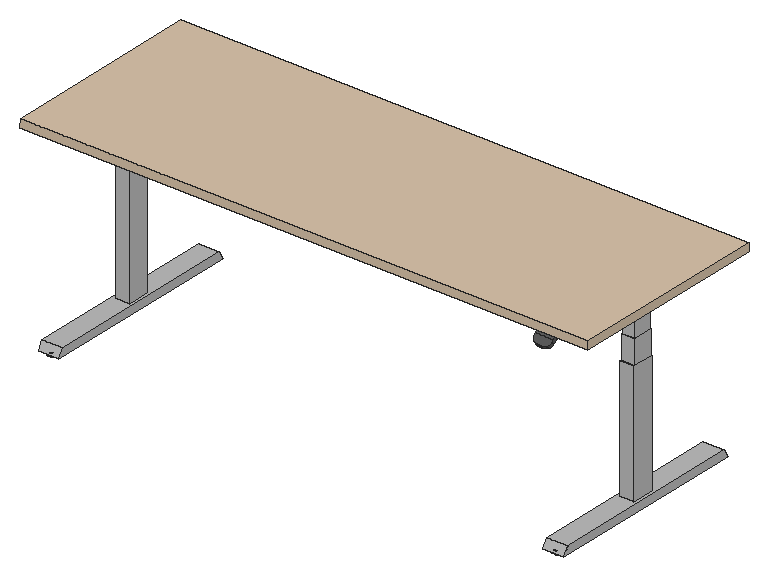
Revit family "Haworth_Upside_HeightAdjustTable_Rectangle_DualStage", category Furniture Systems, Revit 2018
Family settings
  Round Connector Dimension = Use Diameter
  Part Type = Normal
  OmniClass Number = 23.40.70.14.64.21
  OmniClass Title = Systems Furniture
  Work Plane-Based = No
  Always vertical = Yes
  Cut with Voids When Loaded = No
  Shared = No
  Room Calculation Point = No
Parameters (values of type "82w 29d - T-Leg")
  Width = 82"
  Warranty = "http://www.haworth.com/resources/product-info/warranties"
  URL - Product = "http://www.haworth.com/na/en/products/height-adjustable/upside.html"
  Table Finish [instance] = Haworth _ Laminate _ Maple H-AE
  Table Edge Finish [instance] = Haworth _ Laminate _ Maple H-AE
  T-Leg = yes
  Paddle Offset = Leg Height - 27 13/16"  # 0"
  Paddle Finish = Haworth _ Paint _ Black
  Model = "TJRA"  # constant formula
  Min. Height = 22 77/128"  # constant formula
  Max. Height = 48 179/256"  # constant formula
  Leg Offset = 3 1/32"  # constant formula
  Rail Location = if(and([T-Leg], [29in. Depth]), 14 3/8", if(and([T-Leg], [23in. Depth]), 11 5/16", if(and([C-Leg], [29in. Depth]), 20 1/32", 15 13/16")))  # 14 3/8"
  Leg Finish [instance] = Haworth _ Paint _ Metallic Champagne
  Height = 29"
  Front Leg Offset = if([T-Leg], 1/2", 0")  # 1/2"
  Description = "Haworth - Upside HAT Rectangular - Extended Range"  # constant formula
  URL = "http://www.haworth.com"
  Table Thickness = 1 3/16"  # constant formula
  Size = "Verify Final Dim. w/ Haworth"  # constant formula
  Revision Number = "1"  # constant formula
  Min/Max Width = "46-82 in. @ 6 in. increments"  # constant formula
  Standard Depths = "23, 29 in."  # constant formula
  Min. Width = 46"  # constant formula
  Max. Width = 82"  # constant formula
  Min. Depth = 23"  # constant formula
  Max. Depth = 29"  # constant formula
  Manufacturer = "Haworth"  # constant formula
  Leg Height = Actual Height - Table Thickness  # 27 13/16"
  Custom Size = not(or(Width = 46", Width = 52", Width = 58", Width = 64", Width = 70", Width = 76", Width = 82"))  # no
  C-Leg = not([T-Leg])  # no
  Author = "Haworth (Alias)"  # constant formula
  Assembly Code = "E2020200"
  Actual Width = if(Width < Min. Width, Min. Width, if(Width > Max. Width, Max. Width, Width))  # 82"
  Actual Height = if(Height > Max. Height, Max. Height, if(Height < Min. Height, Min. Height, Height))  # 29"
  Actual Depth = if([23in. Depth], 23", 29")  # 29"
  29in. Depth = not([23in. Depth])  # yes
  23in. Depth = no
Types (7): name | Width | T-Leg | Rail Location | Front Leg Offset | C-Leg | Actual Width | Actual Depth | 29in. Depth | 23in. Depth
  82w 29d - T-Leg | 82" | yes | 14 3/8" | 1/2" | no | 82" | 29" | yes | no
  76w 29d - C-Leg | 76" | no | 20 1/32" | 0" | yes | 76" | 29" | yes | no
  70w 29d - T-Leg | 70" | yes | 14 3/8" | 1/2" | no | 70" | 29" | yes | no
  64w 29d - C-Leg | 64" | no | 20 1/32" | 0" | yes | 64" | 29" | yes | no
  58w 23d - T-Leg | 58" | yes | 11 5/16" | 1/2" | no | 58" | 23" | no | yes
  52w 23d - C-Leg | 52" | no | 15 13/16" | 0" | yes | 52" | 23" | no | yes
  46w 23d - T-Leg | 46" | yes | 11 5/16" | 1/2" | no | 46" | 23" | no | yes
Reference planes (in)
  plane 1 "Center F/B": y = 0
  plane 2: z = 0
  plane 3 "Center L/R": x = -1.75
  plane 4 "Table Edge Left": x = -42.75
  plane 5 "Table Edge Right": x = 39.25
  plane 6 "Table Edge Front": y = 14.5
  plane 7 "Table Edge Back": y = -14.5
  plane 8 "Top": z = 29
  plane 9 "Top Bottom": z = 27.8125
  plane 10 "Left Leg": x = -39.71875
  plane 11 "Right Leg": x = 36.21875
  plane 12: y = -0.125
  plane 13 "Front Leg": y = -15
Forms (in)
  Extrusion 1, solid, material "Haworth _ Laminate _ Maple H-AE" <- "Table Finish"
    sketch origin (0, 0, 29) x (-1, 0, 0) y (0, -1, 0)
      loop
        line (42.75, -14.5) -> (42.75, 14.5) -> (-39.25, 14.5) -> (-39.25, -14.5) -> (42.75, -14.5)
    from -1.1875 to 0
  Sweep 2, solid, material "Haworth _ Paint _ Metallic Champagne" <- "Leg Finish"
    path origin (0, 0, 27.8125) x (-1, 0, 0) y (0, -1, 0)
      loop
        line (39.71875, 0.125) -> (-36.21875, 0.125)
    profile origin (-1.75, -0.125, 27.8125) x (0, 1, 0) y (0, 0, 1)
      loop
        line (-2.67708, -0.1375) -> (-2.67708, -1.4623)
        arc (-2.67708, -1.4623) -> (-2.64047, -1.55069) -> (-2.55208, -1.5873) r 0.125
        line (-2.55208, -1.5873) -> (-2.01383, -1.5873)
        arc (-2.01383, -1.5873) -> (-1.92544, -1.55069) -> (-1.88883, -1.4623) r 0.125
        line (-1.88883, -1.4623) -> (-1.88883, -0.1375)
        arc (-1.88883, -0.1375) -> (-1.92544, -0.04911) -> (-2.01383, -0.0125) r 0.125
        line (-2.01383, -0.0125) -> (-2.55208, -0.0125)
        arc (-2.55208, -0.0125) -> (-2.64047, -0.04911) -> (-2.67708, -0.1375) r 0.125
      loop
        arc (2.67708, -0.1375) -> (2.64047, -0.04911) -> (2.55208, -0.0125) r 0.125
        line (2.55208, -0.0125) -> (2.01383, -0.0125)
        arc (2.01383, -0.0125) -> (1.92544, -0.04911) -> (1.88883, -0.1375) r 0.125
        line (1.88883, -0.1375) -> (1.88883, -1.4623)
        arc (1.88883, -1.4623) -> (1.92544, -1.55069) -> (2.01383, -1.5873) r 0.125
        line (2.01383, -1.5873) -> (2.55208, -1.5873)
        arc (2.55208, -1.5873) -> (2.64047, -1.55069) -> (2.67708, -1.4623) r 0.125
        line (2.67708, -1.4623) -> (2.67708, -0.1375)
Lines and regions (in)
  Masking region 1
    outline origin (0, 0, 29) x (-1, 0, 0) y (0, -1, 0)
      loop
        line (42.75, -14.5) -> (42.75, 14.5) -> (-39.25, 14.5) -> (-39.25, -14.5) -> (42.75, -14.5)
Dimensions and locks (in)
  "Actual Width": plane 4 "Table Edge Left" to plane 5 "Table Edge Right"
  equal spacing: plane 4 "Table Edge Left", plane 3 "Center L/R", plane 5 "Table Edge Right"
  "Actual Depth": plane 6 "Table Edge Front" to plane 7 "Table Edge Back"
  equal spacing: plane 6 "Table Edge Front", plane 1 "Center F/B", plane 7 "Table Edge Back"
  "Actual Height": plane 8 "Top" to level
  "Table Thickness": plane 8 "Top" to plane 9 "Top Bottom"
  "Leg Offset": plane 4 "Table Edge Left" to plane 10 "Left Leg"
  "Leg Offset": plane 11 "Right Leg" to plane 5 "Table Edge Right"
  "Rail Location": plane 12 to plane 7 "Table Edge Back"
  "Front Leg Offset": plane 13 "Front Leg" to plane 7 "Table Edge Back"
  locked: nested 1 to plane 11 "Right Leg" at 3
  aligned and locked: Extrusion 1 sketch curve to plane 6 "Table Edge Front"
  aligned and locked: plane 7 "Table Edge Back" to Extrusion 1 sketch curve
  aligned and locked: Extrusion 1 sketch curve to plane 5 "Table Edge Right"
  aligned and locked: Extrusion 1 sketch curve to plane 4 "Table Edge Left"
  aligned and locked: Extrusion 1 to plane 9 "Top Bottom"
  aligned and locked: plane 8 "Top" to Extrusion 1
  aligned and locked: Masking region 1 sketch curve to plane 5 "Table Edge Right"
  aligned and locked: Masking region 1 sketch curve to plane 6 "Table Edge Front"
  aligned and locked: plane 7 "Table Edge Back" to Masking region 1 sketch curve
  aligned and locked: Masking region 1 sketch curve to plane 4 "Table Edge Left"
  aligned and locked: Sweep 2 sketch curve to plane 12
  aligned and locked: plane 11 "Right Leg" to Sweep 2 sketch curve
  aligned and locked: plane 10 "Left Leg" to Sweep 2 sketch curve
  aligned and locked: plane 7 "Table Edge Back" to nested 1
  aligned and locked: nested 3 to plane 2
  aligned and locked: plane 2 to nested 2
  aligned and locked: plane 10 "Left Leg" to nested 2
  aligned and locked: plane 11 "Right Leg" to nested 3
  aligned and locked: plane 13 "Front Leg" to nested 2
  aligned and locked: nested 3 to plane 13 "Front Leg"
Automatic sketch dimensions
  Sweep 2 sketch curve to plane 9 "Top Bottom" = 0.1375"  (x3)
  profile plane to Sweep 2 sketch curve = 2.67708"
  Sweep 2 sketch curve to plane 9 "Top Bottom" = 0.0125"  (x2)
  Sweep 2 sketch curve to Sweep 2 sketch curve = 1/8"  (x3)
  Sweep 2 sketch curve to Sweep 2 sketch curve = 0.53825"  (x4)
  Sweep 2 sketch curve to profile plane = 1.88883"
  Sweep 2 sketch curve to Sweep 2 sketch curve = 1.3248"  (x2)
Nested families (in)
  nested 1: "Haworth_Upside_Paddle_Part" at (33.21875, -15.91544, 0), built-in parameter 1001364 <- "Paddle Offset", type "Paddle"
  nested 2: "Haworth_Upside_ExtendedRange_Leg_Part" at (-38.21875, -0.125, 0), type "Leg"
    with Tube distance 0", Rod Length 7 29/32", Center Leg yes
  nested 3: "Haworth_Upside_ExtendedRange_Leg_Part" at (34.71875, -0.125, 0) x (-1, 0, 0) z (0, 0, 1), type "Leg"
    with Tube distance 0", Rod Length 7 29/32", Center Leg yes
Definition of nested family "Haworth_Upside_Paddle_Part"
  Parameters (values of type "Paddle")
    Warranty = "http://www.haworth.com/resources/product-info/warranties"
    URL - Product = ""
    Type Comments = ""
    Model = "Haworth Upside"  # constant formula
    Description = "Haworth - Upside - Paddle - Part"
    URL = "www.haworth.com"
    Size = "Verify Final Dim. w/ Haworth"  # constant formula
    Revision Number = "1"  # constant formula
    Manufacturer = "Haworth"  # constant formula
    Box Body Finish = none
    Author = "Haworth (Alias)"  # constant formula
    Assembly Code = "E2020200"
    Actual Width = 3"  # constant formula
  Reference planes (in)
    plane 1 "Bottom": z = 0
    plane 2 "Center L/R": x = 0
    plane 3 "Left": x = -1.5
    plane 4 "Right": x = 1.5
    plane 5 "Back": y = 4.07436
    plane 6 "Front": y = 1.41544
    plane 7: y = 2.09891
    plane 8 "Void": through (480, 1.17376, 28.04914) normal (0, 0.7071, -0.7071)
    plane 9: z = 27.8125
  Forms (in)
    Extrusion 1, solid, material <- "Box Body Finish"
      sketch origin (30, 0.35365, 0) x (0, 1, 0) y (0, 0, 1)
        loop
          line (1.25505, 27.37943) -> (3.65821, 27.37943)
          arc (3.65821, 27.37943) -> (3.7024, 27.39774) -> (3.72071, 27.44193) r 0.0625
          line (3.72071, 27.44193) -> (3.72071, 27.75)
          arc (3.72071, 27.75) -> (3.7024, 27.79419) -> (3.65821, 27.8125) r 0.0625
          line (3.65821, 27.8125) -> (1.26975, 27.8125)
          arc (1.26975, 27.8125) -> (1.03057, 27.76492) -> (0.82781, 27.62944) r 0.625
          line (0.82781, 27.62944) -> (-0.04483, 26.7568)
          arc (-0.04483, 26.7568) -> (-0.06314, 26.71261) -> (-0.04483, 26.66842) r 0.0625
          line (-0.04483, 26.66842) -> (0.17305, 26.45054)
          arc (0.17305, 26.45054) -> (0.21724, 26.43223) -> (0.26144, 26.45054) r 0.0625
          line (0.26144, 26.45054) -> (1.14456, 27.33367)
          arc (1.14456, 27.33367) -> (1.19526, 27.36754) -> (1.25505, 27.37943) r 0.15625
      from -31.5 to -28.5
    Extrusion 2, void
      sketch origin (0, -13.43769, 13.43769) x (0, 0.707107, 0.707107) y (1, 0, 0)
        loop
          arc (19.97515, -1.2974) -> (19.55992, -1.17792) -> (19.2717, -0.85602) r 0.78125
          arc (19.2717, -0.85602) -> (19.07579, 0.00012) -> (19.27194, 0.85621) r 1.9674
          arc (19.27194, 0.85621) -> (19.56016, 1.17798) -> (19.9753, 1.2974) r 0.78125
          line (19.9753, 1.2974) -> (22.97855, 1.2974) -> (22.97855, 2.25752) -> (17.97855, 2.25752) -> (17.97855, -2.25752) -> (22.97855, -2.25752) -> (22.97855, -1.2974) -> (19.97515, -1.2974)
      from 0 to 5
  Cuts and joins
    Extrusion 2 cuts Extrusion 1
  Lines and regions (in)
    Masking region 1, detail levels medium+fine
      outline origin (0, 0, 29) x (-1, 0, 0) y (0, -1, 0)
        loop
          line (1.5, -4.07436) -> (1.5, -1.41544) -> (-1.5, -1.41544) -> (-1.5, -4.07436) -> (1.5, -4.07436)
  Dimensions and locks (in)
    "Actual Width": plane 3 "Left" to plane 4 "Right"
    equal spacing: plane 3 "Left", plane 2 "Center L/R", plane 4 "Right"
    locked: plane 9 to plane 1 "Bottom" at 27.8125
    aligned and locked: plane 4 "Right" to Extrusion 1
    aligned and locked: Extrusion 1 to plane 3 "Left"
    aligned and locked: Extrusion 1 sketch curve to plane 5 "Back"
    aligned and locked: plane 6 "Front" to Masking region 1 sketch curve
    aligned and locked: Masking region 1 sketch curve to plane 5 "Back"
    aligned and locked: Masking region 1 sketch curve to plane 4 "Right"
    aligned and locked: plane 3 "Left" to Masking region 1 sketch curve
  Automatic sketch dimensions
    plane 4 "Right" to Extrusion 2 sketch curve = 0.75752"
    plane 3 "Left" to Extrusion 2 sketch curve = 0.2026"
    Extrusion 2 sketch curve to Extrusion 2 sketch curve = 1.9966"
    plane 2 "Center L/R" to Extrusion 2 sketch curve = 0.51615"
    Extrusion 2 sketch curve to Extrusion 2 sketch curve = 0.00014"
    Extrusion 2 sketch curve to plane 2 "Center L/R" = 0.00015"
    Extrusion 2 sketch curve to Extrusion 2 sketch curve = 1.06789"
    Extrusion 2 sketch curve to Extrusion 2 sketch curve = 1.93537"  (x2)
    Extrusion 2 sketch curve to plane 3 "Left" = 0.75752"
    Extrusion 2 sketch curve to plane 2 "Center L/R" = 0.51615"
    Extrusion 2 sketch curve to plane 4 "Right" = 0.2026"
    Extrusion 2 sketch curve to Extrusion 2 sketch curve = 0"
    Extrusion 1 sketch curve to plane 9 = 0"
    Extrusion 1 sketch curve to Extrusion 1 sketch curve = 1/16"
    Extrusion 1 sketch curve to plane 5 "Back" = 1/16"
    plane 6 "Front" to Extrusion 1 sketch curve = 0.20796"
    Extrusion 1 sketch curve to Extrusion 1 sketch curve = 0.0147"
    plane 6 "Front" to Extrusion 1 sketch curve = 0.08277"
    Extrusion 1 sketch curve to plane 9 = 0.18306"
    Extrusion 1 sketch curve to plane 6 "Front" = 0.23398"
    Extrusion 1 sketch curve to plane 6 "Front" = 0.80036"
    Extrusion 1 sketch curve to Extrusion 1 sketch curve = 0.04419"  (x6)
    Extrusion 1 sketch curve to Extrusion 1 sketch curve = 0.21788"  (x2)
    Extrusion 1 sketch curve to plane 9 = 1.0557"
    Extrusion 1 sketch curve to Extrusion 1 sketch curve = 0.03568"
    Extrusion 1 sketch curve to Extrusion 1 sketch curve = 0.11049"
Definition of nested family "Haworth_Upside_ExtendedRange_Leg_Part"
  Parameters (values of type "Leg")
    Warranty = "http://haworth.com/product-info/warranties"
    URL - Product = "http://www.haworth.com/na/en/products/height-adjustable/upside.html"
    URL = "http://www.haworth.com/"
    Tube distance = if(Center Leg, 0", if([29 Depth], 5 5/32", 4"))  # 5 5/32"
    Top Support Front = if([29 Depth], 14 1/8", 8 1/8")  # 14 1/8"
    Rod Length = if(Center Leg, 7 29/32", 10")  # 10"
    Note = "Verify Final Dim. w/ Haworth"  # constant formula
    Model = "Haworth Upside"  # constant formula
    Manufacturer = "Haworth"  # constant formula
    Glide Finish = none
    Description = "Haworth - Upside - Extended Range Leg Part"
    Center Leg = no
    Leg Length Middle = if([29 Depth], 9 1/8", 7 1/8")  # 9 1/8"
    Leg Length Front = if([29 Depth], 14 7/8", 11 13/16")  # 14 7/8"
    Leg Length Back = if([29 Depth], 14 5/8", 11 5/8")  # 14 5/8"
    Leg Height = 27 13/16"
    Leg Finish = none
    Author = "Haworth (Alias)"  # constant formula
    Assembly Code = ""
    Actual Width = 3"  # constant formula
    Actual Depth = if([29 Depth], 27 7/16", 21 7/16")  # 27 7/16"
    29 Depth = not([23 Depth])  # yes
    23 Depth = no
  Reference planes (in)
    plane 1 "Center (Front/Back)": y = 0
    plane 2 "Base": z = 0
    plane 3 "Center (Left/Right)": x = 0
    plane 4 "Bottom of Top": z = 27.8125
    plane 5 "Top of Base": z = 1.37863
    plane 6 "Base Bottom": z = 0.2369
    plane 7 "Glide Back": y = 13.375
    plane 8 "Glide Front": y = -13.625
    plane 9 "bot leg": x = 1.375
    plane 10: x = -1.375
    plane 11: x = -1.5
    plane 12: x = 1.5
    plane 13 "Back": y = 14.625
    plane 14 "Front": y = -14.875
    plane 15: y = 6.46875
    plane 16: y = 6.5625
    plane 17: y = 6.75
    plane 18: y = 3.84375
    plane 19: y = 3.75
    plane 20: y = 3.5625
    plane 21 "Glide Top": z = 0.47244
    plane 22 "Center tube": y = 5.15625
    plane 23 "3rd Stage Top": z = 25.79224
    plane 24 "2nd Stage Top": z = 22.33511
    plane 25 "1st Stage Top": z = 18.87799
    plane 26: y = -4.875
    plane 27: y = 8.84375
  Forms (in)
    Extrusion 1, solid, material <- "Glide Finish"
      sketch origin (0, 0, 0) x (1, 0, 0) y (0, 1, 0)
        loop
          circle (0, 13.375) r 1.125
        loop
          circle (0, -13.625) r 1.125
      from 0 to 0.47244
    Extrusion 2, solid, material <- "Leg Finish"
      sketch origin (0.5561, 0.17985, 0) x (1, 0, 0) y (0, 1, 0)
        loop
          line (-1.45421, 6.2889) -> (-1.45421, 3.6639) -> (0.34201, 3.6639) -> (0.34201, 6.2889) -> (-1.45421, 6.2889)
      from 22.33511 to 25.79224
    Extrusion 3, solid, material <- "Leg Finish"
      sketch origin (0, -5.26109, 0) x (1, 0, 0) y (0, 1, 0)
        loop
          line (-0.98498, 11.82359) -> (-0.98498, 9.01109) -> (0.98498, 9.01109) -> (0.98498, 11.82359) -> (-0.98498, 11.82359)
      from 18.87799 to 22.33511
    Extrusion 4, solid, material <- "Leg Finish"
      sketch origin (0, -5.26109, 0) x (1, 0, 0) y (0, 1, 0)
        loop
          line (-1.00436, 12.01109) -> (-1.00436, 8.82359) -> (1.00436, 8.82359) -> (1.00436, 12.01109) -> (-1.00436, 12.01109)
      from 1.37863 to 18.87799
    Extrusion 5, solid, material <- "Leg Finish"
      sketch origin (0, 0, 0) x (1, 0, 0) y (0, 0, 1)
        loop
          line (-1.75847, 27.8125) -> (-1.75847, 25.79224) -> (-1.5, 25.79224) -> (-1.5, 27.8125) -> (-1.75847, 27.8125)
      from -8.84375 to 4.875
    Extrusion 6, solid, material <- "Leg Finish"
      sketch origin (0, 0, 0) x (0, 1, 0) y (0, 0, 1)
        loop
          line (8.84375, 27.8125) -> (8.84375, 25.79224) -> (10.39062, 26.2358) -> (10.39062, 27.8125) -> (8.84375, 27.8125)
        loop
          line (-4.875, 25.79224) -> (-4.875, 27.8125) -> (-8.53125, 27.8125) -> (-8.53125, 26.11212) -> (-4.875, 25.79224)
      from -1.75847 to -1.5
    Sweep 7, solid, material <- "Leg Finish"
      path origin (0, 0, 0) x (1, 0, 0) y (0, 1, 0)
        loop
          line (-1.5, 0) -> (1.5, 0)
      profile origin (0, 0, 0) x (0, 1, 0) y (0, 0, 1)
        loop
          line (-14.875, 0.2369) -> (14.625, 0.2369) -> (14, 1.37863) -> (-14.25, 1.37863) -> (-14.875, 0.2369)
    Sweep 8, solid, material <- "Leg Finish"
      path origin (0, 0, 0) x (0, 1, 0) y (0, 0, 1)
        loop
          line (5.15625, 25.79224) -> (5.15625, 27.8125)
      profile origin (0, 5.15625, 26.80237) x (0, -1, 0) y (1, 0, 0)
        loop
          line (-1.392, -1.65447) -> (1.392, -1.65447)
          arc (1.392, -1.65447) -> (1.48768, -1.63544) -> (1.56878, -1.58125) r 0.25
          line (1.56878, -1.58125) -> (1.81603, -1.334)
          arc (1.81603, -1.334) -> (1.87023, -1.25289) -> (1.88926, -1.15722) r 0.25
          line (1.88926, -1.15722) -> (1.88926, 5.32859)
          arc (1.88926, 5.32859) -> (1.87023, 5.42426) -> (1.81603, 5.50536) r 0.25
          line (1.81603, 5.50536) -> (1.56878, 5.75262)
          arc (1.56878, 5.75262) -> (1.48768, 5.80681) -> (1.392, 5.82584) r 0.25
          line (1.392, 5.82584) -> (-1.392, 5.82584)
          arc (-1.392, 5.82584) -> (-1.48768, 5.80681) -> (-1.56878, 5.75262) r 0.25
          line (-1.56878, 5.75262) -> (-1.81603, 5.50536)
          arc (-1.81603, 5.50536) -> (-1.87023, 5.42426) -> (-1.88926, 5.32859) r 0.25
          line (-1.88926, 5.32859) -> (-1.88926, -1.15722)
          arc (-1.88926, -1.15722) -> (-1.87023, -1.25289) -> (-1.81603, -1.334) r 0.25
          line (-1.81603, -1.334) -> (-1.56878, -1.58125)
          arc (-1.56878, -1.58125) -> (-1.48768, -1.63544) -> (-1.392, -1.65447) r 0.25
  Cuts and joins
    joined: Extrusion 5, Extrusion 6
  Lines and regions (in)
    symbolic lines, detail levels medium+fine
      curve 1: line (-1.5, 14.625, 0) -> (1.5, 14.625, 0)
      curve 2: line (-1.5, -14.875, 0) -> (-1.5, 14.625, 0)
      curve 3: line (1.5, -14.875, 0) -> (-1.5, -14.875, 0)
      curve 4: line (1.5, 14.625, 0) -> (1.5, -14.875, 0)
      curve 5: line (-1.5, 14.625, 0) -> (1.5, 14.625, 0)
      curve 6: line (-1.5, 14.625, 0) -> (-1.5, -14.875, 0)
      curve 7: line (-1.5, -14.875, 0) -> (1.5, -14.875, 0)
      curve 8: line (1.5, -14.875, 0) -> (1.5, 14.625, 0)
      curve 9: line (-1.5, 6.75, 0) -> (1.5, 6.75, 0)
      curve 10: line (1.5, 3.5625, 0) -> (-1.5, 3.5625, 0)
  Dimensions and locks (in)
    "Leg Height": plane 4 "Bottom of Top" to level
    locked: plane 10 to plane 9 "bot leg" at 2.75
    "Actual Width": plane 11 to plane 12
    equal spacing: plane 11, plane 3 "Center (Left/Right)", plane 12
    equal spacing: plane 10, plane 3 "Center (Left/Right)", plane 9 "bot leg"
    "Leg Length Front": plane 14 "Front" to plane 1 "Center (Front/Back)"
    "Leg Length Back": plane 1 "Center (Front/Back)" to plane 13 "Back"
    locked: plane 13 "Back" to plane 7 "Glide Back" at 1.25
    locked: plane 8 "Glide Front" to plane 14 "Front" at 1.25
    locked: plane 19 to plane 18 at 0.09375
    locked: plane 19 to plane 20 at 0.1875
    locked: plane 18 to plane 22 "Center tube" at 1.3125
    locked: plane 16 to plane 15 at 0.09375
    locked: plane 16 to plane 17 at 0.1875
    locked: plane 22 "Center tube" to plane 15 at 1.3125
    locked: Sweep 7 sketch curve to plane 13 "Back" at 0.625
    locked: plane 14 "Front" to Sweep 7 sketch curve at 0.625
    equal spacing: Extrusion 2 sketch curve, plane 3 "Center (Left/Right)", Extrusion 2 sketch curve, locked at 0.89811 each
    equal spacing: Extrusion 3 sketch curve, plane 3 "Center (Left/Right)", Extrusion 3 sketch curve, locked at 0.98498 each
    equal spacing: Extrusion 4 sketch curve, plane 3 "Center (Left/Right)", Extrusion 4 sketch curve, locked at 1.00436 each
    locked: plane 5 "Top of Base" to plane 25 "1st Stage Top" at 17.49936
    equal spacing: plane 23 "3rd Stage Top", plane 24 "2nd Stage Top", plane 25 "1st Stage Top"
    "Rod Length": plane 14 "Front" to plane 26
    locked: plane 27 to plane 13 "Back" at 5.78125
    locked: plane 27 to Extrusion 6 sketch curve at 1.54688
    locked: Extrusion 6 sketch curve to plane 23 "3rd Stage Top" at 0.44356
    locked: plane 4 "Bottom of Top" to plane 23 "3rd Stage Top" at 2.02026
    "Tube distance": plane 1 "Center (Front/Back)" to plane 22 "Center tube"
    locked: Extrusion 6 sketch curve to plane 26 at 3.65625
    locked: Extrusion 6 sketch curve to plane 23 "3rd Stage Top" at 0.31988
    aligned and locked: plane 15 to Extrusion 2
    aligned and locked: plane 18 to Extrusion 2
    aligned and locked: plane 16 to Extrusion 3 sketch curve
    aligned and locked: plane 19 to Extrusion 3 sketch curve
    aligned and locked: plane 17 to Extrusion 4 sketch curve
    aligned and locked: plane 20 to Extrusion 4 sketch curve
    aligned and locked: level to plane 2 "Base"
    aligned and locked: curve 4 to plane 12
    aligned and locked: plane 14 "Front" to curve 3
    aligned and locked: plane 11 to curve 2
    aligned and locked: plane 4 "Bottom of Top" to Extrusion 5
    aligned and locked: plane 4 "Bottom of Top" to Extrusion 6
    aligned and locked: plane 21 "Glide Top" to Extrusion 1
    aligned and locked: plane 1 "Center (Front/Back)" to Sweep 7 sketch curve
    aligned and locked: curve 4 to Sweep 7 sketch curve
    aligned and locked: plane 11 to Sweep 7 sketch curve
    aligned and locked: plane 6 "Base Bottom" to Sweep 7 sketch curve
    aligned and locked: Sweep 7 sketch curve to plane 5 "Top of Base"
    aligned and locked: plane 14 "Front" to Sweep 7 sketch curve
    aligned and locked: plane 13 "Back" to Sweep 7 sketch curve
    aligned and locked: plane 25 "1st Stage Top" to Extrusion 4
    aligned and locked: plane 24 "2nd Stage Top" to Extrusion 3
    aligned and locked: Extrusion 3 to plane 25 "1st Stage Top"
    aligned and locked: Extrusion 2 to plane 24 "2nd Stage Top"
    aligned and locked: plane 5 "Top of Base" to Extrusion 4
    aligned and locked: Sweep 8 sketch curve to plane 22 "Center tube"
    aligned and locked: plane 23 "3rd Stage Top" to Sweep 8 sketch curve
    aligned and locked: plane 4 "Bottom of Top" to Sweep 8 sketch curve
    aligned and locked: Extrusion 5 sketch curve to plane 11
    aligned and locked: Extrusion 5 sketch curve to plane 4 "Bottom of Top"
    aligned and locked: plane 23 "3rd Stage Top" to Extrusion 5 sketch curve
    aligned and locked: plane 26 to Extrusion 5
    aligned and locked: Extrusion 5 to plane 27
    aligned and locked: plane 4 "Bottom of Top" to Extrusion 6 sketch curve  (x2)
    aligned and locked: plane 27 to Extrusion 6 sketch curve
    aligned and locked: plane 23 "3rd Stage Top" to Extrusion 6 sketch curve
    aligned and locked: plane 11 to Extrusion 6
    aligned and locked: Extrusion 6 to Extrusion 5
    aligned and locked: plane 20 to curve 10
    aligned and locked: plane 17 to curve 9
    aligned and locked: plane 23 "3rd Stage Top" to Extrusion 2
    aligned and locked: Extrusion 6 sketch curve to plane 26
  Automatic sketch dimensions
    Extrusion 1 sketch curve to plane 3 "Center (Left/Right)" = 0"  (x2)
    Extrusion 1 sketch curve to plane 8 "Glide Front" = 0"
    Extrusion 1 sketch curve to plane 7 "Glide Back" = 0"
    Extrusion 5 sketch curve to plane 11 = 0.25847"
    Extrusion 2 sketch curve to plane 15 = 0"
    plane 18 to Extrusion 2 sketch curve = 0"
    plane 10 to Extrusion 2 sketch curve = 0.47689"
    plane 10 to Extrusion 3 sketch curve = 0.39002"
    plane 10 to Extrusion 4 sketch curve = 0.37064"
    profile plane to Sweep 8 sketch curve = 1.88926"
    Sweep 8 sketch curve to Sweep 8 sketch curve = 0.07322"  (x3)
    Sweep 8 sketch curve to plane 3 "Center (Left/Right)" = 1.334"
    Sweep 8 sketch curve to Sweep 8 sketch curve = 0.17678"  (x10)
    Sweep 8 sketch curve to Sweep 8 sketch curve = 0.24725"  (x8)
    Sweep 8 sketch curve to profile plane = 1.392"  (x2)
    Sweep 8 sketch curve to plane 3 "Center (Left/Right)" = 1.40447"
    plane 3 "Center (Left/Right)" to Sweep 8 sketch curve = 5.32859"
    Sweep 8 sketch curve to Sweep 8 sketch curve = 0"
    Extrusion 6 sketch curve to plane 23 "3rd Stage Top" = 0"
    curve 5 to plane 13 "Back" = 0"
    radius of Extrusion 1 sketch curve = 1 1/8"  (x2)
